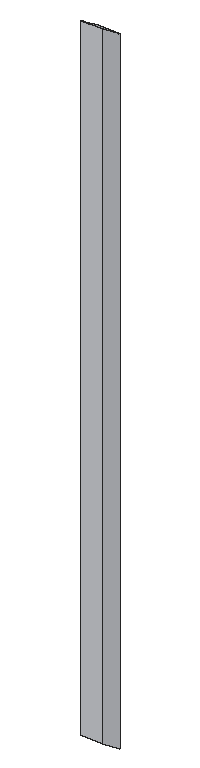
Revit family "61536a6a3571430fb8163c94494edd57", category Balusters, Revit 2021
Family settings
  OmniClass Number = 23.30.80.11.11.14
  OmniClass Title = Posts, Newel Posts, Pickets
  Seek Item ID = Baluster - Square-0000-USA-ENU
  Always vertical = Yes
  Cut with Voids When Loaded = No
  Shared = No
Parameters (values of type "1"")
  w1 = Width + 0' 2"  # 0' - 3"
  built-in parameter 1008623 [instance] = 32.47°
  built-in parameter 1008625 [instance] = (empty or 0)
  Post = no
  Width = 0' - 1"
  built-in parameter 1008624 [instance] = 32.47°
  Baluster Material = none
  built-in parameter 1008622 [instance] = 2' - 6"
Types (5): name | w1 | Width
  (no name) | 0' - 3" | 0' - 1"
  1" | 0' - 3" | 0' - 1"
  3/4" | 0' - 2 3/4" | 0' - 0 3/4"
  2" | 0' - 4" | 0' - 2"
  1 1/2" | 0' - 3 1/2" | 0' - 1 1/2"
Reference planes (in)
  plane 1 "Center (Front/Back)": y = 0
  plane 2: z = 0
  plane 3 "Center (Left/Right)": x = 0
  plane 4 "Top": z = 30
  plane 5 "Top Angle Cut": through (0, 13.58797, 21.35351) normal (0, -0.5369, -0.8437)
  plane 6: z = 39
  plane 7 "Bottom Angle Cut": through (0, 0, 0) normal (0, -0.5369, -0.8437)
  plane 8: y = 1.5
  plane 9: y = -1.5
  plane 10: x = -1.5
  plane 11: x = 1.5
  plane 12: z = -9
Forms (in)
  Extrusion 1, solid, material <- "Baluster Material"
    sketch origin (0, 0, 0) x (1, 0, 0) y (0, 1, 0)
      loop
        line (-0.5, 0.5) -> (-0.5, -0.5) -> (0.5, -0.5) -> (0.5, 0.5) -> (-0.5, 0.5)
    from -9 to 39
  Extrusion 2, void
    sketch origin (0, 0, 0) x (0, 1, 0) y (0, 0, 1)
      loop
        line (-1.5, 39) -> (-1.5, 30.9545) -> (1.5, 29.0455) -> (1.5, 39) -> (-1.5, 39)
    from -1.5 to 1.5
  Extrusion 3, void
    sketch origin (0, 0, 0) x (0, 1, 0) y (0, 0, 1)
      loop
        line (1.5, -0.9545) -> (-1.5, 0.9545) -> (-1.5, -9) -> (1.5, -9) -> (1.5, -0.9545)
    from -1.5 to 1.5
Cuts and joins
  Extrusion 2, Extrusion 3 cuts Extrusion 1
Dimensions and locks (in)
  "built-in parameter 1008622": plane 2 to plane 4 "Top"
  locked: plane 4 "Top" to plane 6 at 9
  equal spacing: Extrusion 1 sketch curve, plane 3 "Center (Left/Right)", Extrusion 1 sketch curve
  equal spacing: Extrusion 1 sketch curve, plane 1 "Center (Front/Back)", Extrusion 1 sketch curve
  "Width": Extrusion 1 sketch curve to Extrusion 1 sketch curve  (x2)
  "w1": plane 10 to plane 11
  equal spacing: plane 10, plane 3 "Center (Left/Right)", plane 11
  equal spacing: plane 8, plane 1 "Center (Front/Back)", plane 9
  "w1": plane 8 to plane 9
  locked: plane 12 to level at 9
  "built-in parameter 1008623": angle plane 4 "Top" to plane 5 "Top Angle Cut"
  "built-in parameter 1008624": angle level to plane 7 "Bottom Angle Cut"
  aligned and locked: Extrusion 1 to plane 6
  aligned and locked: plane 10 to Extrusion 2
  aligned and locked: Extrusion 2 to plane 11
  aligned and locked: Extrusion 3 to Extrusion 2  (x2)
  aligned and locked: plane 12 to Extrusion 3 sketch curve
  aligned and locked: Extrusion 3 sketch curve to plane 9
  aligned and locked: plane 8 to Extrusion 3 sketch curve
  aligned and locked: Extrusion 3 to Extrusion 1
  aligned and locked: plane 6 to Extrusion 2 sketch curve
  aligned and locked: Extrusion 2 sketch curve to plane 8
  aligned and locked: Extrusion 2 sketch curve to plane 9
Automatic sketch dimensions
  Extrusion 3 sketch curve to plane 7 "Bottom Angle Cut" = 0' - 0"  (x2)
  Extrusion 2 sketch curve to plane 5 "Top Angle Cut" = 0' - 0"  (x2)
